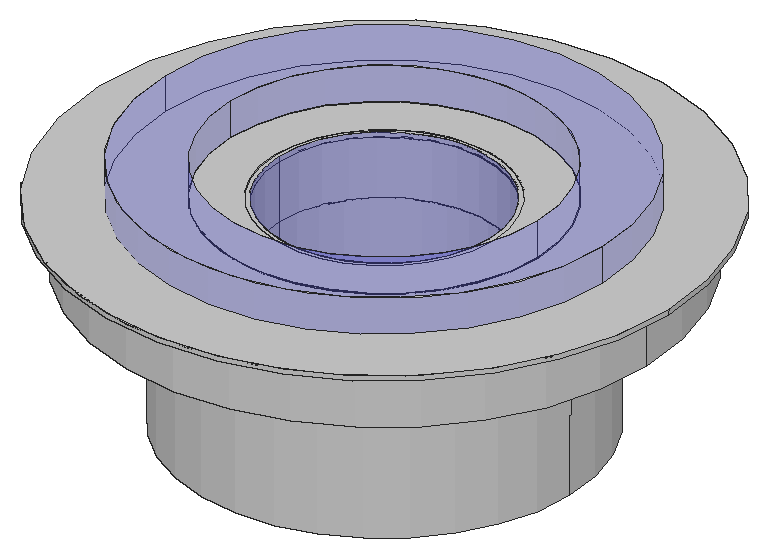
Revit family "55941_HOST_FACE", category Lighting Fixtures, host Face, Revit 2020
Family settings
  Host = Face
  Round Connector Dimension = Use Diameter
  Part Type = Normal
  Cut with Voids When Loaded = Yes
  Light Source = Yes
  Shared = No
  Room Calculation Point = No
Parameters (values of type "LED semi-recessed - Symmetrical")
  Wattage = 2.66591 W
  built-in parameter 1150110 = 1 (stored number, unit not read)
  URL = "www.bega-us.com"
  built-in parameter 1114217 = 1 (stored number, unit not read)
  Tilt Angle = 180.00°
  built-in parameter 1150109 = 1 (stored number, unit not read)
  built-in parameter 1150134 = 12
  Telephone = "805.684.0533"
  built-in parameter 1150113 = 1 (stored number, unit not read)
  Photometric Web File = "55941K4.ies"
  Model = "55941"
  Manufacturer = "BEGA-US"
  built-in parameter 1150105 = 31.513 (stored number, unit not read)
  Lumens = 396 lm
  built-in parameter 1150115 = 1 (stored number, unit not read)
  built-in parameter 1150137 = (empty or 0)
  built-in parameter 1150139 = (empty or 0)
  built-in parameter 1150112 = 1 (stored number, unit not read)
  built-in parameter 1150114 = 1 (stored number, unit not read)
  Lamp = "8.4W LED"
  built-in parameter 1150132 = 2
  built-in parameter 1150102 = (empty or 0)
  built-in parameter 1150107 = 4000 (stored number, unit not read)
  built-in parameter 1150138 = (empty or 0)
  built-in parameter 1150106 = 0.31513 (stored number, unit not read)
  built-in parameter 1150104 = 13.8 (stored number, unit not read)
  Dimming Lamp Color Temperature Shift = <None>
  Description = "LED  semi-recessed - Symmetrical"
  Default Elevation = 6' - 0"
  Color Filter = 16777215
  built-in parameter 1114218 = 1 (stored number, unit not read)
  built-in parameter 1150133 = 10 (stored number, unit not read)
Types (5): name | Wattage | Tilt Angle | built-in parameter 1150134 | Photometric Web File | Model | built-in parameter 1150105 | Lumens | Lamp | built-in parameter 1150107 | built-in parameter 1150106 | Description
  (no name) | 2.66591 W | 180.00° | 12 | "55941K4.ies" | "55941" | 31.513 (stored number, unit not read) | 396 lm | "8.4W LED" | 4000 (stored number, unit not read) | 0.31513 (stored number, unit not read) | "LED  semi-recessed - Symmetrical"
  Wall Luminaires - Directed Light | 18.4392 W | 90.00° | (empty or 0) | "generic" | "2260LED" | 217.96 (stored number, unit not read) | 2739 lm | "44.6W LED" | 3000 (stored number, unit not read) | 2.1796 (stored number, unit not read) | "Surface wall with cutoff optics"
  Wall Luminaires - Linear | 9.92985 W | 90.00° | 9 | "generic" | "4425P" | 117.38 (stored number, unit not read) | 1475 lm | "(1) 39W CF twin-4-p" | 3450 (stored number, unit not read) | 1.1738 (stored number, unit not read) | "Suface wall - linear with white acrylic diffuser"
  Ceiling and Wall Luminaires - Unshielded | 2.66591 W | 90.00° | (empty or 0) | "33508.ies" | "33 508" | 31.513 (stored number, unit not read) | 396 lm | "8.4W LED" | 3000 (stored number, unit not read) | 0.31513 (stored number, unit not read) | "LED ceiling and wall luminaires - impact resistant"
  LED semi-recessed - Symmetrical | 2.66591 W | 180.00° | 12 | "55941K4.ies" | "55941" | 31.513 (stored number, unit not read) | 396 lm | "8.4W LED" | 4000 (stored number, unit not read) | 0.31513 (stored number, unit not read) | "LED  semi-recessed - Symmetrical"
Reference planes (in)
  plane 1 "Center (Front/Back)": y = 0
  plane 2: z = 0
  plane 3 "Center (Left/Right)": x = 0
Dimensions and locks (in)
  aligned and locked: plane 2 to host face
  aligned and locked: level to host face
Nested families (in)
  nested 1: "55941" at (0.061, 0.08226, 0), type "55941"
Connectors (in)
  electrical at (0, 0, 0)
    settings: on host face, index 1, voltage 0 V, apparent load 0 VA, apparent load phase1 0 VA, apparent load phase2 0 VA, apparent load phase3 0 VA, power factor 1, load classification "Other", number of poles 1, system type 31, power factor state 1, is connector primary yes, connector utility no, sub classification motor no, connector description ""
Definition of nested family "55941"
  Parameters
    Default Elevation = 0' - 0"
  Reference planes (in)
    plane 1 "Center (Front/Back)": y = 0
    plane 2: z = 0
    plane 3 "Center (Left/Right)": x = 0
  Forms (in)
    Extrusion 1, solid
      sketch origin (0, -0.0842, 0.73305) x (1, 0, 0) y (0, -1, 0.000742)
        loop
          circle (0, 0) r 3.25
      from 0.70256 to 0.65226
    Extrusion 2, solid
      sketch origin (0, -0.0842, 0.73305) x (1, 0, 0) y (0, -1, 0.000742)
        loop
          circle (0, 0) r 3
      from 1.32034 to 0.70256
    Extrusion 3, solid
      sketch origin (0, -0.0842, 0.73305) x (1, 0, 0) y (0, -1, 0.000742)
        loop
          circle (0, 0) r 2.125
      from 2.94534 to 1.32034
    Extrusion 4, void
      sketch origin (0, -0.0842, 0.73305) x (1, 0, 0) y (0, -1, 0.000742)
        loop
          circle (0, 0) r 1.20453
      from 2.22628 to 0.65226
    Extrusion 5, solid
      sketch origin (0, -0.0842, 0.73305) x (1, 0, 0) y (0, -1, 0.000742)
        loop
          circle (0, 0) r 2.5
        loop
          circle (0, 0) r 1.75
      from 0.65226 to 0.27726
    Extrusion 6, solid
      sketch origin (0, -0.0842, 0.73305) x (1, 0, 0) y (0, -1, 0.000742)
        loop
          circle (0, 0) r 1.75
        loop
          circle (0, 0) r 1.25
      from 2.22628 to 0.65226
    Extrusion 7, solid
      sketch origin (0, -0.0842, 0.73305) x (1, 0, 0) y (0, -1, 0.000742)
        loop
          circle (0, 0) r 1.20453
      from 0.70256 to 0.65226
  Cuts and joins
    Extrusion 4 cuts Extrusion 1
    Extrusion 4 cuts Extrusion 2
    Extrusion 4 cuts Extrusion 3
  Dimensions and locks (in)
    aligned and locked: plane 2 to level
